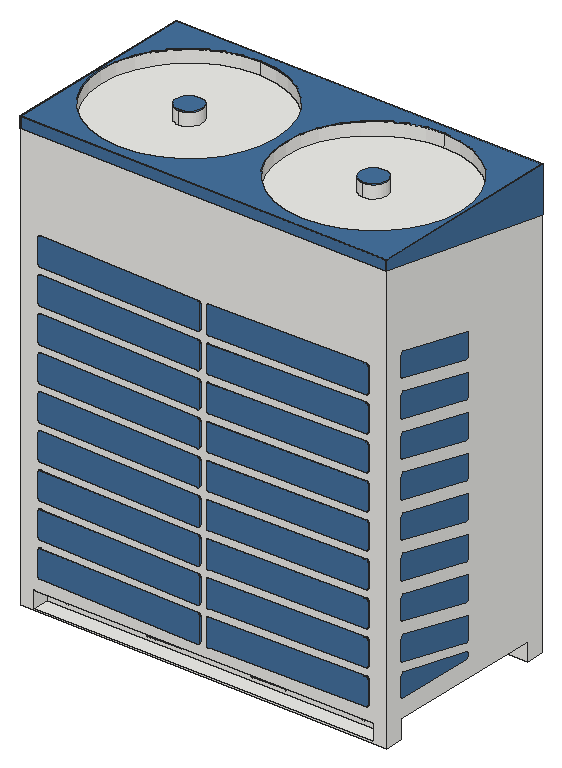
Revit family "bimlib_narujnyeblokisistemakondicionirovaniya_mrv-5_18-26hp_haier", category Оборудование, Revit 2020 (continued)
Nested families
  nested 32: "BIMLIB_Параллелограмм_решётка_DB" at (704.944, -143.827, 977.9) x (0, 1, 0) z (1, 0, 0), type "BIMLIB_Параллелограмм_решётка_DB", detail levels fine
    with Превышение 64.948 mm, ADSK_Размер_Длина 322.347 mm, ADSK_Размер_Глубина 1.00 mm, ADSK_Размер_Высота 135.80 mm
  nested 33: "BIMLIB_Параллелограмм_решётка_DB" at (704.944, -143.827, 1117.9) x (0, 1, 0) z (1, 0, 0), type "BIMLIB_Параллелограмм_решётка_DB", detail levels fine
    with Превышение 64.948 mm, ADSK_Размер_Длина 322.347 mm, ADSK_Размер_Глубина 1.00 mm, ADSK_Размер_Высота 135.80 mm
  nested 34: "BIMLIB_Параллелограмм_решётка_DB" at (704.944, -143.827, 1257.9) x (0, 1, 0) z (1, 0, 0), type "BIMLIB_Параллелограмм_решётка_DB", detail levels fine
    with Превышение 64.948 mm, ADSK_Размер_Длина 322.347 mm, ADSK_Размер_Глубина 1.00 mm, ADSK_Размер_Высота 135.80 mm
  nested 35: "BIMLIB_Треугольник_решётка_DB" at (-392.933, 375, 175) x (1, 0, 0) z (0, 1, 0), type "BIMLIB_Треугольник_решётка_DB", detail levels fine
    with Превышение 30.00 mm, ADSK_Размер_Длина 400.00 mm, ADSK_Размер_Глубина 1.00 mm, ADSK_Размер_Высота 70.00 mm
  nested 36: "BIMLIB_Треугольник_решётка_DB" at (705, -149.86, 177.5) x (0, -1, 0) z (1, 0, 0), type "BIMLIB_Треугольник_решётка_DB", detail levels fine
    with Превышение 30.00 mm, ADSK_Размер_Длина 310.28 mm, ADSK_Размер_Глубина 1.00 mm, ADSK_Размер_Высота 75.00 mm
  nested 37: "BIMLIB_Параллелограмм_решётка_DB" at (324.463, -375, 165) x (-1, 0, 0) z (0, -1, 0), type "BIMLIB_Параллелограмм_решётка_DB", detail levels fine
    with Превышение 5.00 mm, ADSK_Размер_Длина 625.00 mm, ADSK_Размер_Глубина 1.00 mm, ADSK_Размер_Высота 90.00 mm
  nested 38: "BIMLIB_Параллелограмм_решётка_DB" at (324.463, -375, 300) x (-1, 0, 0) z (0, -1, 0), type "BIMLIB_Параллелограмм_решётка_DB", detail levels fine
    with Превышение 5.00 mm, ADSK_Размер_Длина 625.00 mm, ADSK_Размер_Глубина 1.00 mm, ADSK_Размер_Высота 90.00 mm
  nested 39: "BIMLIB_Параллелограмм_решётка_DB" at (324.463, -375, 435) x (-1, 0, 0) z (0, -1, 0), type "BIMLIB_Параллелограмм_решётка_DB", detail levels fine
    with Превышение 5.00 mm, ADSK_Размер_Длина 625.00 mm, ADSK_Размер_Глубина 1.00 mm, ADSK_Размер_Высота 90.00 mm
  nested 40: "BIMLIB_Параллелограмм_решётка_DB" at (324.463, -375, 570) x (-1, 0, 0) z (0, -1, 0), type "BIMLIB_Параллелограмм_решётка_DB", detail levels fine
    with Превышение 5.00 mm, ADSK_Размер_Длина 625.00 mm, ADSK_Размер_Глубина 1.00 mm, ADSK_Размер_Высота 90.00 mm
  nested 41: "BIMLIB_Параллелограмм_решётка_DB" at (324.463, -375, 705) x (-1, 0, 0) z (0, -1, 0), type "BIMLIB_Параллелограмм_решётка_DB", detail levels fine
    with Превышение 5.00 mm, ADSK_Размер_Длина 625.00 mm, ADSK_Размер_Глубина 1.00 mm, ADSK_Размер_Высота 90.00 mm
  nested 42: "BIMLIB_Параллелограмм_решётка_DB" at (324.463, -375, 840) x (-1, 0, 0) z (0, -1, 0), type "BIMLIB_Параллелограмм_решётка_DB", detail levels fine
    with Превышение 5.00 mm, ADSK_Размер_Длина 625.00 mm, ADSK_Размер_Глубина 1.00 mm, ADSK_Размер_Высота 90.00 mm
  nested 43: "BIMLIB_Параллелограмм_решётка_DB" at (324.463, -375, 975) x (-1, 0, 0) z (0, -1, 0), type "BIMLIB_Параллелограмм_решётка_DB", detail levels fine
    with Превышение 5.00 mm, ADSK_Размер_Длина 625.00 mm, ADSK_Размер_Глубина 1.00 mm, ADSK_Размер_Высота 90.00 mm
  nested 44: "BIMLIB_Параллелограмм_решётка_DB" at (324.463, -375, 1110) x (-1, 0, 0) z (0, -1, 0), type "BIMLIB_Параллелограмм_решётка_DB", detail levels fine
    with Превышение 5.00 mm, ADSK_Размер_Длина 625.00 mm, ADSK_Размер_Глубина 1.00 mm, ADSK_Размер_Высота 90.00 mm
  nested 45: "BIMLIB_Параллелограмм_решётка_DB" at (324.463, -375, 1245) x (-1, 0, 0) z (0, -1, 0), type "BIMLIB_Параллелограмм_решётка_DB", detail levels fine
    with Превышение 5.00 mm, ADSK_Размер_Длина 625.00 mm, ADSK_Размер_Глубина 1.00 mm, ADSK_Размер_Высота 90.00 mm
  nested 46: "BIMLIB_ЗонаОбслуживания_DB" at (0, 0, 0) x (-1, 0, 0) z (0, 0, 1), visible <- "Видимость_Зона обслуживания", type "BIMLIB_ЗонаОбслуживания_DB"
    with Зона обслуживания_Справа 300.00 mm, Зона обслуживания_Спереди 1000.00 mm, Зона обслуживания_Слева 300.00 mm, Зона обслуживания_Сзади 300.00 mm, Зона обслуживания_Сверху 2000.00 mm, ADSK_Размер_Ширина 1410.00 mm
  nested 47: "BIMLIB_АннотацияУГО_DB" at (0, 0, 0), type "BIMLIB_АннотацияУГО_DB"
  nested 48: "BIMLIB_Параллелограмм_решётка_DB" at (-324.463, -375, 165) x (1, 0, 0) z (0, -1, 0), type "BIMLIB_Параллелограмм_решётка_DB", detail levels fine
    with Превышение 5.00 mm, ADSK_Размер_Длина 625.00 mm, ADSK_Размер_Глубина 1.00 mm, ADSK_Размер_Высота 90.00 mm
  nested 49: "BIMLIB_Параллелограмм_решётка_DB" at (-324.463, -375, 300) x (1, 0, 0) z (0, -1, 0), type "BIMLIB_Параллелограмм_решётка_DB", detail levels fine
    with Превышение 5.00 mm, ADSK_Размер_Длина 625.00 mm, ADSK_Размер_Глубина 1.00 mm, ADSK_Размер_Высота 90.00 mm
  nested 50: "BIMLIB_Параллелограмм_решётка_DB" at (-324.463, -375, 435) x (1, 0, 0) z (0, -1, 0), type "BIMLIB_Параллелограмм_решётка_DB", detail levels fine
    with Превышение 5.00 mm, ADSK_Размер_Длина 625.00 mm, ADSK_Размер_Глубина 1.00 mm, ADSK_Размер_Высота 90.00 mm
  nested 51: "BIMLIB_Параллелограмм_решётка_DB" at (-324.463, -375, 570) x (1, 0, 0) z (0, -1, 0), type "BIMLIB_Параллелограмм_решётка_DB", detail levels fine
    with Превышение 5.00 mm, ADSK_Размер_Длина 625.00 mm, ADSK_Размер_Глубина 1.00 mm, ADSK_Размер_Высота 90.00 mm
  nested 52: "BIMLIB_Параллелограмм_решётка_DB" at (-324.463, -375, 705) x (1, 0, 0) z (0, -1, 0), type "BIMLIB_Параллелограмм_решётка_DB", detail levels fine
    with Превышение 5.00 mm, ADSK_Размер_Длина 625.00 mm, ADSK_Размер_Глубина 1.00 mm, ADSK_Размер_Высота 90.00 mm
  nested 53: "BIMLIB_Параллелограмм_решётка_DB" at (-324.463, -375, 840) x (1, 0, 0) z (0, -1, 0), type "BIMLIB_Параллелограмм_решётка_DB", detail levels fine
    with Превышение 5.00 mm, ADSK_Размер_Длина 625.00 mm, ADSK_Размер_Глубина 1.00 mm, ADSK_Размер_Высота 90.00 mm
  nested 54: "BIMLIB_Параллелограмм_решётка_DB" at (-324.463, -375, 975) x (1, 0, 0) z (0, -1, 0), type "BIMLIB_Параллелограмм_решётка_DB", detail levels fine
    with Превышение 5.00 mm, ADSK_Размер_Длина 625.00 mm, ADSK_Размер_Глубина 1.00 mm, ADSK_Размер_Высота 90.00 mm
  nested 55: "BIMLIB_Параллелограмм_решётка_DB" at (-324.463, -375, 1110) x (1, 0, 0) z (0, -1, 0), type "BIMLIB_Параллелограмм_решётка_DB", detail levels fine
    with Превышение 5.00 mm, ADSK_Размер_Длина 625.00 mm, ADSK_Размер_Глубина 1.00 mm, ADSK_Размер_Высота 90.00 mm
  nested 56: "BIMLIB_Параллелограмм_решётка_DB" at (-324.463, -375, 1245) x (1, 0, 0) z (0, -1, 0), type "BIMLIB_Параллелограмм_решётка_DB", detail levels fine
    with Превышение 5.00 mm, ADSK_Размер_Длина 625.00 mm, ADSK_Размер_Глубина 1.00 mm, ADSK_Размер_Высота 90.00 mm
Connectors
  hvac at (0, 0, 1689), driven by "ADSK_Размер_Глубина", driven by "ADSK_Размер_Ширина"
    settings: on cut or joined group of Extrusion 1, Extrusion 6, Extrusion 8, Extrusion 9, Extrusion 10, Extrusion 11, index 1, duct flow 0.0 m³/h, flow factor 0, pres drop 0.0 Pa, loss coef 0, conn angle 0.00°, conn width 1410 mm, conn height 750 mm, conn diameter 609.6 mm, duct sys type 3, conn prof type 1, flow config 0, flow direction 2, loss method 0, conn ref index -1, conn util no, is conn primary yes, conn desc "Отработанный воздух"
  electrical at (0, 0, 70), driven by "ADSK_Количество фаз", driven by "ADSK_Напряжение", driven by "ADSK_Коэффициент мощности", driven by "ADSK_Классификация нагрузок", driven by "ADSK_Полная мощность"
    settings: on cut or joined group of Extrusion 1, Extrusion 6, Extrusion 8, Extrusion 9, Extrusion 10, Extrusion 11, index 4, voltage 400 V, apparent load 14300 VA, apparent load phase1 0 VA, apparent load phase2 0 VA, apparent load phase3 0 VA, power factor 1, load classification "ОВК", number of poles 3, system type 30, power factor state 1, is connector primary yes, connector utility no, sub classification motor no, connector description "Электрический соеденитель"
  piping at (546.539, 376, 120), diameter 28.58, driven by "Диаметр_Газ", driven by "ADSK_Расход жидкости"
    settings: on Extrusion 12, index 5, connector inside diameter 609.6 mm, connector length 0.00 mm, flow factor 0, pipe flow 0.0 L/s, pressure drop 0.0 Pa, fitting loss kfactor 0, connector angle 0.00°, fixture units 0, engagement length 0.00 mm, angle of deflection 0.00°, flow configuration 0, flow direction 1, fitting loss method 0, system type 8, joint type 0, gender type 0, connector reference index 6, connector utility 0, adjustable connector no, is connector primary yes, connector description "Линия газа"
  piping at (496.539, 376, 120), diameter 15.88, driven by "Диаметр_Жидкость", driven by "ADSK_Расход жидкости"
    settings: on Extrusion 13, index 6, connector inside diameter 609.6 mm, connector length 0.00 mm, flow factor 0, pipe flow 0.0 L/s, pressure drop 0.0 Pa, fitting loss kfactor 0, connector angle 0.00°, fixture units 0, engagement length 0.00 mm, angle of deflection 0.00°, flow configuration 0, flow direction 2, fitting loss method 0, system type 7, joint type 0, gender type 0, connector reference index 5, connector utility 0, adjustable connector no, is connector primary no, connector description "Линия жидкости"
Definition of nested family "BIMLIB_Параллелограмм_решётка_DB"
  Parameters (values of type "BIMLIB_Параллелограмм_решётка_Haier")
    Превышение [instance] = 30.00 mm
    Default Elevation = 1219.20 mm
    Материал решёток = none
    ADSK_Размер_Длина [instance] = 460.00 mm
    ADSK_Размер_Глубина [instance] = 1.00 mm
    ADSK_Размер_Высота [instance] = 260.00 mm
  Reference planes
    plane 1 "По центру (Вперед/Назад)": y = 0
    plane 2: z = 0
    plane 3 "По центру (Влево/Вправо)": x = 0
    plane 4: x = -230
    plane 5: x = 230
    plane 6: y = 100
    plane 7: y = -100
    plane 8: y = 130
    plane 9: y = -130
  Forms (mm)
    Extrusion 1, solid, material <- "Материал решёток"
      sketch origin (0, 0, 0) x (1, 0, 0) y (0, 1, 0)
        loop
          arc (-230, -133.517) -> (-226.608, -141.022) -> (-218.734, -143.436) r 10
          line (-218.734, -143.436) -> (223.005, -108.536)
          arc (223.005, -108.536) -> (228.028, -105.518) -> (230, -100) r 8.705
          line (230, -100) -> (230, 133.517)
          arc (230, 133.517) -> (226.561, 141.064) -> (218.608, 143.419) r 10
          line (218.608, 143.419) -> (-223.005, 108.536)
          arc (-223.005, 108.536) -> (-228.028, 105.518) -> (-230, 100) r 8.705
          line (-230, 100) -> (-230, -133.517)
      from 0 to 1 <- "ADSK_Размер_Глубина"
  Lines and regions (mm)
    model lines, detail levels medium+fine
      curve 1: line (-230, 100, 0) -> (-230, -130, 0)
      curve 2: line (230, -100, 0) -> (230, 133.517, 0)
      curve 3: line (-223.005, 108.536, 0) -> (218.608, 143.419, 0)
      curve 4: arc (-230, 100, 0) -> (-228.028, 105.518, 0) -> (-223.005, 108.536, 0) r 8.705
      curve 5: arc (230, 133.517, 0) -> (226.561, 141.064, 0) -> (218.608, 143.419, 0) r 10
      curve 6: line (223.005, -108.536, 0) -> (-218.608, -143.419, 0)
      curve 7: arc (230, -100, 0) -> (228.028, -105.518, 0) -> (223.005, -108.536, 0) r 8.705
      curve 8: arc (-230, -133.517, 0) -> (-226.561, -141.064, 0) -> (-218.608, -143.419, 0) r 10
  Dimensions and locks
    "ADSK_Размер_Длина": plane 4 to plane 5
    equal spacing: plane 4, plane 3 "По центру (Влево/Вправо)", plane 5
    "ADSK_Размер_Высота": plane 8 to plane 9
    equal spacing: plane 8, plane 1 "По центру (Вперед/Назад)", plane 9
    equal spacing: plane 6, plane 1 "По центру (Вперед/Назад)", plane 7
    plane 6 to plane 7 = 200.00 mm
    "Превышение": plane 8 to plane 6
    aligned and locked: level to plane 2
    aligned and locked: plane 9 to curve 1
    aligned and locked: plane 7 to curve 2
    aligned and locked: plane 6 to curve 1
    aligned and locked: plane 5 to curve 2
    aligned and locked: Extrusion 1 to plane 4
  Automatic sketch dimensions
    curve 1 to plane 4 = 0.00 mm
    curve 8 to plane 4 = 0.00 mm
    plane 4 to curve 3 = 6.995 mm
    curve 4 to curve 4 = 8.705 mm
    curve 8 to plane 9 = 3.517 mm
    curve 8 to curve 8 = 10.00 mm
    curve 8 to curve 6 = 1.392 mm
    curve 3 to plane 5 = 11.392 mm
    plane 8 to curve 5 = 3.517 mm
    curve 5 to plane 5 = 10.00 mm
    curve 7 to plane 5 = 8.705 mm
    curve 6 to plane 5 = 6.995 mm
    Extrusion 1 sketch curve to plane 4 = 0.00 mm
    Extrusion 1 sketch curve to plane 6 = 0.00 mm
    Extrusion 1 sketch curve to plane 7 = 0.00 mm
    Extrusion 1 sketch curve to plane 5 = 0.00 mm
    Extrusion 1 sketch curve to Extrusion 1 sketch curve = 8.705 mm
    Extrusion 1 sketch curve to plane 9 = 3.517 mm
    Extrusion 1 sketch curve to Extrusion 1 sketch curve = 10.00 mm
    Extrusion 1 sketch curve to Extrusion 1 sketch curve = 1.266 mm
    Extrusion 1 sketch curve to plane 5 = 11.392 mm
    plane 8 to Extrusion 1 sketch curve = 3.517 mm
    Extrusion 1 sketch curve to plane 5 = 10.00 mm
    Extrusion 1 sketch curve to plane 5 = 8.705 mm
    Extrusion 1 sketch curve to plane 5 = 6.995 mm
    plane 4 to Extrusion 1 sketch curve = 6.995 mm
Definition of nested family "BIMLIB_Треугольник_решётка_DB"
  Parameters (values of type "BIMLIB_Треугольник_решётка_Haier")
    Превышение [instance] = 30.00 mm
    Default Elevation = 1219.20 mm
    Материал решёток = none
    ADSK_Размер_Длина [instance] = 460.00 mm
    ADSK_Размер_Глубина [instance] = 1.00 mm
    ADSK_Размер_Высота [instance] = 260.00 mm
  Reference planes
    plane 1 "По центру (Вперед/Назад)": y = 0
    plane 2: z = 0
    plane 3 "По центру (Влево/Вправо)": x = 0
    plane 4: x = -230
    plane 5: x = 230
    plane 6: y = -130
    plane 7: y = 130
  Forms (mm)
    Extrusion 1, solid, material <- "Материал решёток"
      sketch origin (0, 0, 0) x (1, 0, 0) y (0, 1, 0)
        loop
          line (218.608, 143.419) -> (-234.07, -106.222)
          arc (-234.07, -106.222) -> (-242.062, -119.827) -> (-230, -130) r 12.237
          line (-230, -130) -> (220, -130)
          arc (220, -130) -> (227.071, -127.071) -> (230, -120) r 10
          line (230, -120) -> (230, 133.517)
          arc (230, 133.517) -> (226.561, 141.064) -> (218.608, 143.419) r 10
      from 0 to 1 <- "ADSK_Размер_Глубина"
  Lines and regions (mm)
    model lines, detail levels medium+fine
      curve 1: line (230, -120, 0) -> (230, 133.517, 0)
      curve 2: line (-235.921, -107.053, 0) -> (218.608, 143.419, 0)
      curve 3: arc (230, 133.517, 0) -> (226.561, 141.064, 0) -> (218.608, 143.419, 0) r 10
      curve 4: line (226.102, -130, 0) -> (-230, -130, 0)
    model lines
      curve 5: arc (220, -130, 0) -> (227.071, -127.071, 0) -> (230, -120, 0) r 10
      curve 6: arc (-235.921, -107.053, 0) -> (-241.849, -120.82, 0) -> (-230, -130, 0) r 12.237
  Dimensions and locks
    "ADSK_Размер_Длина": plane 4 to plane 5
    equal spacing: plane 4, plane 3 "По центру (Влево/Вправо)", plane 5
    "ADSK_Размер_Высота": plane 7 to plane 6
    equal spacing: plane 7, plane 1 "По центру (Вперед/Назад)", plane 6
    aligned and locked: level to plane 2
    aligned and locked: plane 5 to curve 1
    aligned and locked: Extrusion 1 sketch curve to plane 6
    aligned and locked: plane 4 to Extrusion 1 sketch curve
    aligned and locked: plane 6 to curve 4
    aligned and locked: plane 4 to curve 4
  Automatic sketch dimensions
    Extrusion 1 sketch curve to plane 5 = 0.00 mm
    Extrusion 1 sketch curve to plane 5 = 11.392 mm
    Extrusion 1 sketch curve to plane 5 = 10.00 mm  (x2)
    plane 7 to Extrusion 1 sketch curve = 3.517 mm
    Extrusion 1 sketch curve to Extrusion 1 sketch curve = 12.237 mm
    Extrusion 1 sketch curve to plane 4 = 4.07 mm
    curve 2 to plane 4 = 5.921 mm
    curve 2 to plane 5 = 11.392 mm
    curve 5 to plane 5 = 10.00 mm
    plane 7 to curve 3 = 3.517 mm
    curve 3 to plane 5 = 10.00 mm
    curve 6 to curve 6 = 12.237 mm
    curve 4 to plane 5 = 3.898 mm
Definition of nested family "BIMLIB_ЗонаОбслуживания_DB"
  Parameters (values of type "BIMLIB_ЗонаОбслуживания_Haier")
    Default Elevation = 0.00 mm
    Зона обслуживания_Справа [instance] = 653.266 mm
    Зона обслуживания_Спереди [instance] = 481.574 mm
    Зона обслуживания_Слева [instance] = 454.692 mm
    Зона обслуживания_Сзади [instance] = 622.113 mm
    Зона обслуживания_Сверху [instance] = 760.748 mm
    ADSK_Размер_Ширина = 980.00 mm
    ADSK_Размер_Глубина = 750.00 mm
    ADSK_Размер_Высота = 1690.00 mm
  Reference planes
    plane 1 "По центру (Вперед/Назад)": y = 0
    plane 2: z = 0
    plane 3 "По центру (Влево/Вправо)": x = 0
    plane 4: y = 375
    plane 5: y = -375
    plane 6: x = 490
    plane 7: x = -490
    plane 8: x = -944.692
    plane 9: y = 997.113
    plane 10: x = 1143.266
    plane 11: y = -856.574
    plane 12: z = 1690
    plane 13: z = 2450.748
  Forms (mm)
    Extrusion 1, solid
      sketch origin (0, 0, 0) x (1, 0, 0) y (0, 1, 0)
        loop
          line (-490, 375) -> (-944.692, 375) -> (-944.692, -375) -> (-490, -375) -> (-490, 375)
      from 0 to 1690
    Extrusion 2, solid
      sketch origin (0, 0, 0) x (1, 0, 0) y (0, 1, 0)
        loop
          line (-490, -375) -> (-490, -856.574) -> (490, -856.574) -> (490, -375) -> (-490, -375)
      from 0 to 1690
    Extrusion 3, solid
      sketch origin (0, 0, 0) x (1, 0, 0) y (0, 1, 0)
        loop
          line (490, 375) -> (490, -375) -> (1143.266, -375) -> (1143.266, 375) -> (490, 375)
      from 0 to 1690
    Extrusion 4, solid
      sketch origin (0, 0, 0) x (1, 0, 0) y (0, 1, 0)
        loop
          line (-490, 997.113) -> (-490, 375) -> (490, 375) -> (490, 997.113) -> (-490, 997.113)
      from 0 to 1690
    Extrusion 5, solid
      sketch origin (0, 0, 0) x (1, 0, 0) y (0, 0, 1)
        loop
          line (-490, 2450.748) -> (-490, 1690) -> (490, 1690) -> (490, 2450.748) -> (-490, 2450.748)
      from -375 to 375
  Dimensions and locks
    "ADSK_Размер_Ширина": plane 7 to plane 6
    equal spacing: plane 7, plane 3 "По центру (Влево/Вправо)", plane 6
    equal spacing: plane 4, plane 1 "По центру (Вперед/Назад)", plane 5
    "ADSK_Размер_Глубина": plane 4 to plane 5
    "Зона обслуживания_Слева": plane 8 to plane 7
    "Зона обслуживания_Справа": plane 6 to plane 10
    "Зона обслуживания_Сзади": plane 9 to plane 4
    "Зона обслуживания_Спереди": plane 5 to plane 11
    "ADSK_Размер_Высота": plane 12 to plane 2
    "Зона обслуживания_Сверху": plane 13 to plane 12
    aligned and locked: level to plane 2
    aligned and locked: plane 7 to Extrusion 1
    aligned and locked: plane 4 to Extrusion 1
    aligned and locked: Extrusion 1 to plane 5
    aligned and locked: Extrusion 1 to plane 8
    aligned and locked: Extrusion 3 to plane 5
    aligned and locked: Extrusion 3 to plane 6
    aligned and locked: plane 10 to Extrusion 3
    aligned and locked: Extrusion 2 to plane 6
    aligned and locked: plane 5 to Extrusion 2
    aligned and locked: Extrusion 2 to plane 7
    aligned and locked: Extrusion 2 to plane 11
    aligned and locked: Extrusion 4 to plane 4
    aligned and locked: Extrusion 4 to plane 7
    aligned and locked: plane 6 to Extrusion 4
    aligned and locked: plane 9 to Extrusion 4
    aligned and locked: Extrusion 3 to plane 4
    aligned and locked: plane 12 to Extrusion 1
    aligned and locked: plane 12 to Extrusion 2
    aligned and locked: plane 12 to Extrusion 3
    aligned and locked: plane 12 to Extrusion 4
    aligned and locked: plane 13 to Extrusion 5
    aligned and locked: Extrusion 5 to plane 7
    aligned and locked: Extrusion 5 to plane 12
    aligned and locked: plane 6 to Extrusion 5
    aligned and locked: plane 4 to Extrusion 5
    aligned and locked: Extrusion 5 to plane 5
  Automatic sketch dimensions
    Extrusion 1 sketch curve to plane 4 = 0.00 mm
    plane 5 to Extrusion 1 sketch curve = 0.00 mm
    Extrusion 1 sketch curve to plane 7 = 454.692 mm
    Extrusion 1 sketch curve to plane 7 = 0.00 mm
    plane 8 to Extrusion 2 sketch curve = 454.692 mm
    plane 6 to Extrusion 2 sketch curve = 0.00 mm
    plane 11 to Extrusion 2 sketch curve = 0.00 mm
    Extrusion 2 sketch curve to plane 5 = 0.00 mm
    plane 5 to Extrusion 3 sketch curve = 0.00 mm
    plane 6 to Extrusion 3 sketch curve = 0.00 mm
    Extrusion 3 sketch curve to plane 10 = 0.00 mm
    plane 4 to Extrusion 3 sketch curve = 0.00 mm
    plane 8 to Extrusion 4 sketch curve = 454.692 mm
    Extrusion 4 sketch curve to plane 10 = 653.266 mm
    Extrusion 4 sketch curve to plane 9 = 622.113 mm
    Extrusion 4 sketch curve to plane 9 = 0.00 mm
    plane 7 to Extrusion 5 sketch curve = 0.00 mm
    Extrusion 5 sketch curve to plane 6 = 0.00 mm
    plane 12 to Extrusion 5 sketch curve = 0.00 mm
    Extrusion 5 sketch curve to plane 13 = 0.00 mm
Definition of nested family "BIMLIB_АннотацияУГО_DB"
  Reference planes
    plane 1: y = 0
    plane 2: x = 0
  Text (mm)
    text "SA" at (0.22, 2.356, 0)
Types (6, lengths in mm): name | Охлаждение_Номинальный ток | Охлаждение_Номинальная потребляемая мощность | Охлаждение_Максимальный ток | Охлаждение_Максимальная потребляемая мощность | Обогрев_Номинальный ток | Обогрев_Максимальный ток | Обогрев_Номинальная потребляемая мощность | Обогрев_Максимальная потребляемая мощность | Холодопроизводительность | Теплопроизводительность | Звуковое давление | Звуковая мощность | ADSK_Расход воздуха | ADSK_Полная мощность | ADSK_Номинальная мощность | ADSK_Наименование краткое | ADSK_Наименование | ADSK_Масса | ADSK_Код изделия | ADSK_URL документации изделия
  (no name) | 24.14 A | 14.3 kW | 36.13 A | 21.4 kW | 22.62 A | 29.88 A | 13.4 kW | 17.7 kW | 50.4 kW | 56.5 kW | "61" | "72" | 17000.0 m³/h | 14300 VA | 14300 W | "VRF-системы MRV 5, 18HP" | "Наружный блок VRF-системы кондиционирования MRV-5, 18HP" | 287 | "AV18IMVEVA" | "https://haierproff.ru/material/cond/tech/products/multizonalnie_sistemy_vrf/mrv_V/1522"
  AV18IMVEVA_18HP_HAIER | 24.14 A | 14.3 kW | 36.13 A | 21.4 kW | 22.62 A | 29.88 A | 13.4 kW | 17.7 kW | 50.4 kW | 56.5 kW | "61" | "72" | 17000.0 m³/h | 14300 VA | 14300 W | "VRF-системы MRV 5, 18HP" | "Наружный блок VRF-системы кондиционирования MRV-5, 18HP" | 287 | "AV18IMVEVA" | "https://haierproff.ru/material/cond/tech/products/multizonalnie_sistemy_vrf/mrv_V/1522"
  AV20IMVEVA_20HP_HAIER | 25.49 A | 15.1 kW | 42.37 A | 25.1 kW | 24.65 A | 38.32 A | 14.6 kW | 22.7 kW | 56 kW | 61.5 kW | "61" | "72" | 17000.0 m³/h | 15100 VA | 15100 W | "VRF-системы MRV 5, 20HP" | "Наружный блок VRF-системы кондиционирования MRV-5, 20HP" | 370 | "AV20IMVEVA" | "https://haierproff.ru/material/cond/tech/products/multizonalnie_sistemy_vrf/mrv_V/1523"
  AV22IMVEVA_22HP_HAIER | 27.86 A | 16.5 kW | 48.11 A | 28.5 kW | 26 A | 43.05 A | 15.4 kW | 25.5 kW | 61.5 kW | 69 kW | "61" | "72" | 18000.0 m³/h | 16500 VA | 16500 W | "VRF-системы MRV 5, 22HP" | "Наружный блок VRF-системы кондиционирования MRV-5, 22HP" | 370 | "AV22IMVEVA" | "https://haierproff.ru/material/cond/tech/products/multizonalnie_sistemy_vrf/mrv_V/1524"
  AV24IMVEVA_24HP_HAIER | 29.71 A | 17.6 kW | 49.13 A | 29.1 kW | 28.36 A | 44.74 A | 16.8 kW | 26.5 kW | 68 kW | 73 kW | "62" | "73" | 18000.0 m³/h | 17600 VA | 17600 W | "VRF-системы MRV 5, 24HP" | "Наружный блок VRF-системы кондиционирования MRV-5, 24HP" | 370 | "AV24IMVEVA" | "https://haierproff.ru/material/cond/tech/products/multizonalnie_sistemy_vrf/mrv_V/1525"
  AV26IMVEVA_26HP_HAIER | 31.74 A | 18.8 kW | 55.8 A | 33 kW | 29.88 A | 51.32 A | 17.7 kW | 30.4 kW | 73.5 kW | 82.5 kW | "62" | "73" | 19000.0 m³/h | 18800 VA | 18800 W | "VRF-системы MRV 5, 26HP" | "Наружный блок VRF-системы кондиционирования MRV-5, 26HP" | 370 | "AV26IMVEVA" | "https://haierproff.ru/material/cond/tech/products/multizonalnie_sistemy_vrf/mrv_V/1526"
